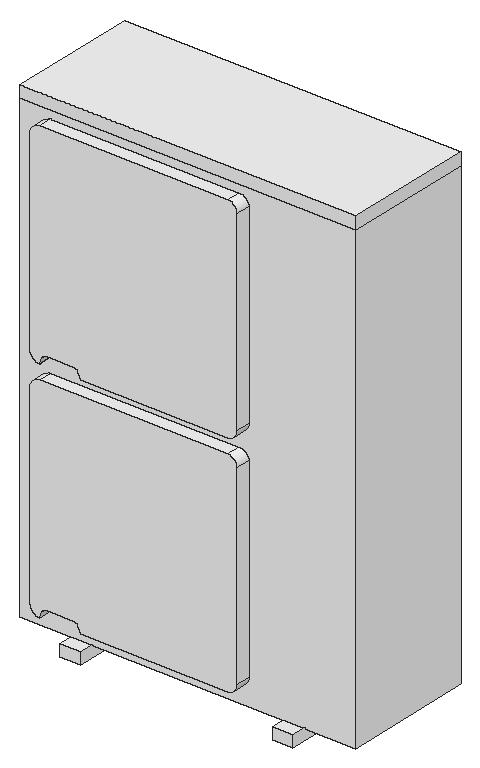
Revit family "Outdoor_Unit-VRF-Mini-JCI-Outdoor-HP-3_5Ton-208_230V", category Mechanical Equipment, Revit 2014
Parameters (values of type "3Ton - 208V /1PH 60Hz")
  Width = 37 3/8"  # constant formula
  Voltage = 208 V
  URL = "http://www.johnsoncontrols.com"
  Type Comments = "3Ton Mini VRF Unit - 208V"
  Total Heating Capacity = 40000.0 Btu/h
  Total Cooling Capacity = 36000.0 Btu/h
  Sound Pressure Level = "52 dB"
  Seasonal Energy Efficiency Rating = 22
  Refrigerant Used = "R410A"  # constant formula
  Refrigerant Charge = 7.90 lbf
  Product Page URL = "http://www.johnsoncontrols.com/content/us/en/products/building_efficiency/products-and-systems/integrated_hvac_systems/Industrial___Commercial_HVAC_Equipment/Variable_Refrigerant_Flow_Systems_.html"
  Product Documentation Link = "http://www.johnsoncontrols.com/~/media/jci/be/united-states/hvac-equipment/variable-refrigerant-flow/files/2016-york-vrf-catalog_050216-final-v5-digital-single-pgs.pdf"
  Power Factor = 1
  Phase = 1
  Model = "(H,Y)VAHP036B21S"
  Minimum Circuit Ampacity = 31 A
  Maximum Overcurrent Protection = 40 A
  Manufacturer = "Johnson Controls Inc."  # constant formula
  Liquid Connection Radius = Liquid Connection Diameter / 2  # 3/16"
  Liquid Connection Diameter = 3/8"
  Height = 54 5/16"  # constant formula
  Heating Nominal Input Power = 2.4 kW
  Gross Weight = 267.00 lbf
  Gas Connection Radius = Gas Connection Diameter / 2  # 5/16"
  Gas Connection Diameter = 5/8"
  Full Load Amps Unit B = 5 A
  Full Load Amps Unit A = 5 A
  Frequency = 60 Hz  # constant formula
  Frame Finish = Metal - JCI - Aluminum - Powder Coated - Pearl White
  Fan Motor Power 2 = 0.058 kW
  Fan Motor Power = 0.058 kW
  Energy Efficiency Rating = 16.2
  Description = "Mini VRF Outdoor Unit"  # constant formula
  Depth = 14 9/16"  # constant formula
  Copyright © = "2016 Johnson Controls Inc."  # constant formula
  Cooling Nominal Input Power = 2.5 kW
  Compressor RLA = "24 (A)"
  Compressor LRA = "30 (A)"
  Coefficient of Performance = 5.12
  Clearance Offset Top [instance] = 0"
  Clearance Offset Right [instance] = 4"
  Clearance Offset Left [instance] = 2"
  Clearance Offset Front [instance] = 24"
  Clearance Offset Back [instance] = 12"
  Show Clearance [instance] = no
  CTRL Unit A Width = 48 1/8"  # constant formula
  Assembly Code = "D30"
  Apparent Load = 0 VA
  Air Flow Rate = 3177 CFM
Reference planes (in)
  plane 1 "Center (Front/Back)": y = 0
  plane 2 "Original Bottom": z = 0
  plane 3 "Center (Left/Right)": x = 0
  plane 4 "Back": y = 7.28125
  plane 5 "Front": y = -7.28125
  plane 6 "Left": x = -18.6875
  plane 7 "Right": x = 18.6875
  plane 8 "Bottom": z = 0
  plane 9 "Top": z = 54.3125
  plane 10 "Electric Connector T/B": z = 2
  plane 11 "Electric Connector F/B": y = -7.28125
  plane 12 "Clearance Back": y = 19.28125
  plane 13 "Clearance Front": y = -31.28125
  plane 14 "Clearance Right": x = 22.6875
  plane 15 "Clearance Left": x = -20.6875
  plane 16 "Clearance Top": z = 54.3125
Forms (in)
  Extrusion 1, solid, material "Clearance", visible <- "Show Clearance"
    sketch origin (0, 0, 0) x (-1, 0, 0) y (0, -1, 0)
      loop
        line (20.6875, -19.28125) -> (20.6875, 31.28125) -> (-22.6875, 31.28125) -> (-22.6875, -19.28125) -> (20.6875, -19.28125)
    from 0 to 54.3125
Lines and regions (in)
  model lines, style "Clearance", visible <- "Show Clearance"
    curve 1: line (22.6875, -31.28125, 54.3125) -> (-20.6875, -31.28125, 54.3125)
    curve 2: line (-20.6875, -31.28125, 54.3125) -> (-20.6875, -31.28125, 0)
    curve 3: line (-20.6875, -31.28125, 0) -> (22.6875, -31.28125, 0)
    curve 4: line (22.6875, -31.28125, 0) -> (22.6875, -31.28125, 54.3125)
    curve 5: line (22.6875, 19.28125, 54.3125) -> (22.6875, 19.28125, 0)
    curve 6: line (22.6875, 19.28125, 0) -> (-20.6875, 19.28125, 0)
    curve 7: line (-20.6875, 19.28125, 0) -> (-20.6875, 19.28125, 54.3125)
    curve 8: line (-20.6875, 19.28125, 54.3125) -> (22.6875, 19.28125, 54.3125)
    curve 9: line (-20.6875, 19.28125, 54.3125) -> (-20.6875, -31.28125, 54.3125)
    curve 10: line (22.6875, -31.28125, 54.3125) -> (22.6875, 19.28125, 54.3125)
    curve 11: line (22.6875, -31.28125, 0) -> (22.6875, 19.28125, 0)
    curve 12: line (-20.6875, 19.28125, 0) -> (-20.6875, -31.28125, 0)
Dimensions and locks (in)
  equal spacing: plane 6 "Left", plane 3 "Center (Left/Right)", plane 7 "Right"
  equal spacing: plane 4 "Back", plane 1 "Center (Front/Back)", plane 5 "Front"
  "Depth": plane 4 "Back" to plane 5 "Front"
  "Width": plane 6 "Left" to plane 7 "Right"
  "Height": plane 9 "Top" to plane 8 "Bottom"
  locked: plane 8 "Bottom" to plane 2 "Original Bottom"
  locked: plane 10 "Electric Connector T/B" to plane 2 "Original Bottom" at 2
  plane 5 "Front" to plane 11 "Electric Connector F/B" = 0"
  "Clearance Offset Front": plane 13 "Clearance Front" to plane 5 "Front"
  "Clearance Offset Back": plane 12 "Clearance Back" to plane 4 "Back"
  "Clearance Offset Left": plane 15 "Clearance Left" to plane 6 "Left"
  "Clearance Offset Right": plane 7 "Right" to plane 14 "Clearance Right"
  "Clearance Offset Top": plane 16 "Clearance Top" to plane 9 "Top"
  aligned and locked: level to plane 2 "Original Bottom"
  aligned and locked: plane 15 "Clearance Left" to Extrusion 1
  aligned and locked: plane 14 "Clearance Right" to Extrusion 1
  aligned and locked: Extrusion 1 to plane 13 "Clearance Front"
  aligned and locked: plane 12 "Clearance Back" to Extrusion 1
  aligned and locked: plane 16 "Clearance Top" to Extrusion 1
  aligned and locked: Extrusion 1 to plane 8 "Bottom"
  aligned and locked: curve 1 to Extrusion 1
  aligned and locked: curve 2 to Extrusion 1
  aligned and locked: curve 3 to Extrusion 1
  aligned and locked: curve 4 to Extrusion 1
  aligned and locked: curve 5 to Extrusion 1
  aligned and locked: curve 6 to Extrusion 1
  aligned and locked: curve 7 to Extrusion 1
  aligned and locked: curve 8 to Extrusion 1
  aligned and locked: curve 9 to Extrusion 1
  aligned and locked: curve 10 to Extrusion 1
  aligned and locked: curve 11 to Extrusion 1
  aligned and locked: curve 12 to Extrusion 1
  aligned and locked: plane 1 "Center (Front/Back)" to nested 1
  aligned and locked: plane 3 "Center (Left/Right)" to nested 1
  aligned and locked: plane 8 "Bottom" to nested 1
Automatic sketch dimensions
  Extrusion 1 sketch curve to plane 12 "Clearance Back" = 0"
  Extrusion 1 sketch curve to plane 14 "Clearance Right" = 0"
  Extrusion 1 sketch curve to plane 13 "Clearance Front" = 0"
  Extrusion 1 sketch curve to plane 15 "Clearance Left" = 0"
  curve 9 to plane 12 "Clearance Back" = 0"
  curve 9 to plane 13 "Clearance Front" = 0"
  curve 10 to plane 12 "Clearance Back" = 0"
  curve 10 to plane 13 "Clearance Front" = 0"
  curve 11 to plane 12 "Clearance Back" = 0"
  curve 11 to plane 13 "Clearance Front" = 0"
  curve 12 to plane 12 "Clearance Back" = 0"
  curve 12 to plane 13 "Clearance Front" = 0"
Nested families (in)
  nested 1: "Unit-Mini-JCI-VRF-Outdoor" at (0, 1.28534, 0), Width <- "Width", type "6-8-10 Ton"
    with Width 37 3/8", Has Pipe Connection Rear no, Has Pipe Connection Front no, Has Pipe Connection Bottom yes, CTRL Pipeline Angle 90.00°, CTRL Gas Pipe Length 1 31/32"
Connectors (in)
  electrical at (9.4375, -7.28125, 2), driven by "Voltage", driven by "Power Factor", driven by "Apparent Load"
    settings: index 13, voltage 208 V, apparent load 0 VA, apparent load phase1 0 VA, apparent load phase2 0 VA, apparent load phase3 0 VA, power factor 1, load classification "HVAC", number of poles 1, system type 30, power factor state 1, is connector primary yes, connector utility no, sub classification motor no, connector description "Power Connection"
  piping at (14.87065, -4.34355, 22.74407), diameter 0.375, driven by "Liquid Connection Radius"
    settings: on nested 1, index 21, connector inside diameter 24", connector length 0", flow factor 0, pipe flow 0 GPM, pressure drop 0.00 psi, fitting loss kfactor 0, connector angle 0.00°, fixture units 0, engagement length 0", angle of deflection 0.00°, flow configuration 0, flow direction 0, fitting loss method 0, system type 29, joint type 0, gender type 0, connector reference index -1, connector utility 0, adjustable connector no, is connector primary yes, connector description "Liquid Line Connection"
  piping at (16.87403, -3.28125, 10.18959), diameter 0.625, driven by "Gas Connection Radius"
    settings: on nested 1, index 22, connector inside diameter 24", connector length 0", flow factor 0, pipe flow 0 GPM, pressure drop 0.00 psi, fitting loss kfactor 0, connector angle 0.00°, fixture units 0, engagement length 0", angle of deflection 0.00°, flow configuration 0, flow direction 0, fitting loss method 0, system type 29, joint type 0, gender type 0, connector reference index -1, connector utility 0, adjustable connector no, is connector primary no, connector description "Gas Line Connection"
  electrical at (9.4375, -7.28125, 4.3125), driven by "Voltage", driven by "Power Factor", driven by "Apparent Load"
    settings: index 23, voltage 208 V, apparent load 0 VA, apparent load phase1 0 VA, apparent load phase2 0 VA, apparent load phase3 0 VA, power factor 1, load classification "HVAC", number of poles 1, system type 14, power factor state 1, is connector primary no, connector utility no, sub classification motor no, connector description "Communication"
Definition of nested family "Unit-Mini-JCI-VRF-Outdoor"
  Parameters (values of type "6-8-10 Ton")
    Width [instance] = 37 3/8"
    Manufacturer = "JCI"  # constant formula
    Liquid Line Radius = 3/16"
    Height = 54 5/16"
    Has Pipe Connection Rear [instance] = 1 = 0  # no
    Has Pipe Connection Front [instance] = no
    Has Pipe Connection Bottom [instance] = yes
    Gas Line Radius = 7/16"
    Gas Line High Pressure Radius = 7/16"
    Frame Finish = Metal - JCI - Aluminum - Powder Coated - Pearl White
    Depth = 14 9/16"
    CTRL Gas Pipe Length [instance] = if(Has Pipe Connection Rear, Depth - 4 1/2", if(Has Pipe Connection Front, 4", if(Has Pipe Connection Bottom, 1 31/32", 1 31/32")))  # 1 31/32"
    CTRL Pipeline Angle [instance] = if(Has Pipe Connection Bottom, 90.00°, if(Has Pipe Connection Rear, 180.00°, 0.00°))  # 90.00°
  Reference planes (in)
    plane 1 "Center (Front/Back)": y = -1.28534
    plane 2 "Original Bottom": z = 0
    plane 3 "Center (Left/Right)": x = 0
    plane 4 "Back": y = 5.99591
    plane 5 "Front": y = -8.56659
    plane 6 "Left": x = -18.6875
    plane 7 "Right": x = 18.6875
    plane 8 "Bottom": z = 0
    plane 9 "Top": z = 54.3125
    plane 10 "Gas Line Top": z = 25.02591
    plane 11 "Right Inset": x = 18.6875
    plane 12 "Back Offset": y = 6.67877
    plane 13 "Front Offset": y = -10.14091
    plane 14 "Left Inset": x = -18.6875
    plane 15: z = 52.9375
    plane 16 "Pipe Center T/B": z = 3.5
    plane 17 "Back Grille Left": x = -16.93086
    plane 18 "Back Grille Right": x = 11.92658
    plane 19 "Back Grille Top": z = 50.9375
    plane 20 "Liquid Line L/R": x = 14.87065
    plane 21 "Gas Line L/R": x = 16.87403
    plane 22 "Gas F/B": y = -4.56659
    plane 23 "Liquid Line": z = 14.90625
    plane 24 "Frame Bottom": z = 1.25893
    plane 25 "Liquid F/B": y = -5.62889
    plane 26 "Liquid Line Top": z = 25.7144
  Forms (in)
    Sweep 1, solid, material "Metal - JCI - Aluminum - Powder Coated - Pearl White" <- "Frame Finish"
      path origin (0, -1.28534, 0) x (1, 0, 0) y (0, 0, 1)
        loop
          line (0, 1.25893) -> (0, 52.9375)
      profile origin (0, -1.28534, 27.09822) x (-1, 0, 0) y (0, -1, 0)
        loop
          line (18.6875, -7.28125) -> (18.6875, 7.28125) -> (-18.6875, 7.28125) -> (-18.6875, -7.28125) -> (18.6875, -7.28125)
    Sweep 2, solid, material "Metal - JCI - Aluminum - Powder Coated - Pearl White" <- "Frame Finish"
      path origin (-1.9734, -1.28534, 62.7104) x (1, 0, 0) y (0, 0, 1)
        loop
          line (1.9734, -8.3979) -> (1.9734, -9.7729)
      profile origin (0, -1.28534, 53.625) x (0, -1, 0) y (1, 0, 0)
        loop
          line (-7.28125, -18.6875) -> (7.28125, -18.6875) -> (7.28125, 18.6875) -> (-7.28125, 18.6875) -> (-7.28125, -18.6875)
    Sweep 3, solid, material "Metal - JCI - Aluminum - Powder Coated - Pearl White" <- "Frame Finish"
      path origin (0, 0, 0) x (1, 0, 0) y (0, 1, 0)
        loop
          line (0, -10.14091) -> (0, 6.67877)
      profile origin (0, -1.73107, 0) x (-1, 0, 0) y (0, 0, 1)
        loop
          line (12.95143, 1.25893) -> (10.65385, 1.25893) -> (10.65385, 0) -> (12.95143, 0) -> (12.95143, 1.25893)
        loop
          line (-10.65383, 1.25893) -> (-12.95141, 1.25893) -> (-12.95141, 0) -> (-10.65383, 0) -> (-10.65383, 1.25893)
    Sweep 4, solid, material "Metal - JCI - Aluminum - Powder Coated - Pearl White" <- "Frame Finish"
      path origin (14.87065, 0, 0) x (0, -1, 0) y (0, 0, 1)
        loop
          line (5.62889, 25.7144) -> (5.62889, 22.74407)
      profile origin (14.87065, -5.62889, 24.22923) x (1, 0, 0) y (0, 1, 0)
        loop
          circle (0, 0) r 0.1875
    Sweep 5, solid, material "Metal - JCI - Aluminum - Powder Coated - Pearl White" <- "Frame Finish"
      path origin (16.87403, 0, 0) x (0, -1, 0) y (0, 0, 1)
        loop
          line (4.56659, 25.02591) -> (4.56659, 10.18959)
      profile origin (16.87403, -4.56659, 17.60775) x (1, 0, 0) y (0, 1, 0)
        loop
          circle (0, 0) r 0.4375
    Extrusion 6, solid, material "Metal - JCI - Aluminum - Powder Coated - Pearl White" <- "Frame Finish"
      sketch origin (0, -8.56659, 0) x (-1, 0, 0) y (0, 0, -1)
        loop
          arc (-5.74726, -28.37343) -> (-6.45437, -28.66632) -> (-6.74726, -29.37343) r 1
          line (-6.74726, -29.37343) -> (-6.74726, -51.05738)
          arc (-6.74726, -51.05738) -> (-6.45437, -51.76449) -> (-5.74726, -52.05738) r 1
          line (-5.74726, -52.05738) -> (15.24498, -52.05738)
          arc (15.24498, -52.05738) -> (15.9961, -51.74626) -> (16.30722, -50.99514) r 1.06224
          line (16.30722, -50.99514) -> (16.30722, -29.43567)
          arc (16.30722, -29.43567) -> (15.99757, -28.68603) -> (15.24916, -28.37344) r 1.06224
          arc (15.24916, -28.37344) -> (15.22651, -28.38051) -> (15.21204, -28.39932) r 0.03934
          line (15.21204, -28.39932) -> (14.9577, -29.09812)
          arc (14.9577, -29.09812) -> (14.81366, -29.28583) -> (14.588, -29.35698) r 0.39342
          line (14.588, -29.35698) -> (11.33827, -29.35698)
          arc (11.33827, -29.35698) -> (11.11262, -29.28583) -> (10.96858, -29.09812) r 0.39342
          line (10.96858, -29.09812) -> (10.71421, -28.39925)
          arc (10.71421, -28.39925) -> (10.6998, -28.38053) -> (10.67727, -28.37343) r 0.03934
          line (10.67727, -28.37343) -> (-5.74726, -28.37343)
        loop
          arc (-5.68502, -3.03719) -> (-6.43614, -3.34832) -> (-6.74726, -4.09943) r 1.06224
          line (-6.74726, -4.09943) -> (-6.74726, -25.72114)
          arc (-6.74726, -25.72114) -> (-6.45437, -26.42825) -> (-5.74726, -26.72114) r 1
          line (-5.74726, -26.72114) -> (15.24498, -26.72114)
          arc (15.24498, -26.72114) -> (15.9961, -26.41002) -> (16.30722, -25.65891) r 1.06224
          line (16.30722, -25.65891) -> (16.30722, -4.08608)
          arc (16.30722, -4.08608) -> (15.983, -3.33536) -> (15.22145, -3.03746) r 1.06224
          line (15.22145, -3.03746) -> (14.95785, -3.7617)
          arc (14.95785, -3.7617) -> (14.81383, -3.94954) -> (14.58809, -4.02075) r 0.39342
          line (14.58809, -4.02075) -> (11.33836, -4.02075)
          arc (11.33836, -4.02075) -> (11.11278, -3.94965) -> (10.96873, -3.76207) r 0.39342
          line (10.96873, -3.76207) -> (10.7049, -3.03719) -> (-5.68502, -3.03719)
      from 0 to 1.57432
    Extrusion 7, solid, material "Steel - JCI - Mine VRF Grille"
      sketch origin (0, 3.93103, 0) x (-1, 0, 0) y (0, 0, 1)
        loop
          line (-11.92658, 2.50572) -> (16.93086, 2.50572) -> (16.93086, 52.63811) -> (-11.92658, 52.63811) -> (-11.92658, 2.50572)
      from 2.06488 to 2.74774
  Lines and regions (in)
    Masking region 1
      outline origin (0, 0, 0) x (1, 0, 0) y (0, 1, 0)
        loop
          line (-18.6875, 5.99591) -> (-18.6875, -8.56659) -> (18.6875, -8.56659) -> (18.6875, 5.99591) -> (-18.6875, 5.99591)
    Split face 1
      outline origin (18.6875, -8.56659, 1.25893) x (0, 0, 1) y (-1, 0, 0)
        loop
          line (3.97355, 4.72105) -> (1.02289, 4.72105) -> (1.02289, 0.90487) -> (3.97355, 0.90487) -> (3.97355, 4.72105)
    Split face 2
      outline origin (18.6875, -8.56659, 1.25893) x (0, 0, 1) y (-1, 0, 0)
        loop
          line (50.79845, 34.99472) -> (1.77826, 34.99472) -> (1.77826, 11.94024) -> (50.79845, 11.94024) -> (50.79845, 34.99472)
    Split face 3
      outline origin (18.6875, -8.56659, 1.25893) x (0, 0, 1) y (-1, 0, 0)
        loop
          line (6.66455, 0.23605) -> (51.35719, 0.23605) -> (51.35719, 11.01579) -> (6.66455, 11.01579) -> (6.66455, 0.23605)
    Split face 4
      outline origin (0, -10.14091, 0) x (-1, 0, 0) y (0, 0, 1)
        loop
          circle (4.77998, 40.21541) r 11.44333
    Split face 5
      outline origin (0, -10.14091, -25.33624) x (-1, 0, 0) y (0, 0, 1)
        loop
          circle (4.77998, 40.21541) r 11.44333
    Split face 6
      outline origin (18.6875, 5.99591, 1.25893) x (0, 0, 1) y (0, -1, 0)
        loop
          line (6.53259, 13.53919) -> (1.02245, 13.53919) -> (1.02245, 10.9022) -> (6.53259, 10.9022) -> (6.53259, 13.53919)
    Masking region 2
      outline origin (-1.25, -6.5, 0) x (1, 0, 0) y (0, 1, 0)
        loop
          line (-15.05722, -2.06659) -> (-15.05722, -3.64091) -> (7.99726, -3.64091) -> (7.99726, -2.06659) -> (-15.05722, -2.06659)
    symbolic lines
      curve 1: line (-16.93086, 5.99591, 0) -> (-16.93086, 6.67877, 0)
      curve 2: line (-16.93086, 6.67877, 0) -> (11.92658, 6.67877, 0)
      curve 3: line (11.92658, 6.67877, 0) -> (11.92658, 5.99591, 0)
  Dimensions and locks (in)
    equal spacing: plane 6 "Left", plane 3 "Center (Left/Right)", plane 7 "Right"
    equal spacing: plane 4 "Back", plane 1 "Center (Front/Back)", plane 5 "Front"
    "Depth": plane 4 "Back" to plane 5 "Front"
    "Width": plane 6 "Left" to plane 7 "Right"
    "Height": plane 9 "Top" to plane 8 "Bottom"
    locked: plane 8 "Bottom" to plane 2 "Original Bottom"
    plane 10 "Gas Line Top" to plane 8 "Bottom" = 25.02591"
    locked: plane 12 "Back Offset" to plane 4 "Back" at 0.68286
    locked: plane 13 "Front Offset" to plane 5 "Front" at 1.57432
    locked: plane 6 "Left" to plane 14 "Left Inset"
    locked: plane 11 "Right Inset" to plane 7 "Right"
    locked: plane 9 "Top" to plane 15 at 1.375
    locked: plane 16 "Pipe Center T/B" to plane 8 "Bottom" at 3.5
    locked: plane 14 "Left Inset" to plane 17 "Back Grille Left" at 1.75664
    locked: plane 15 to plane 19 "Back Grille Top" at 2
    locked: plane 11 "Right Inset" to plane 20 "Liquid Line L/R" at 3.81685
    locked: plane 11 "Right Inset" to plane 21 "Gas Line L/R" at 1.81347
    locked: plane 13 "Front Offset" to plane 22 "Gas F/B" at 5.57432
    locked: plane 23 "Liquid Line" to plane 16 "Pipe Center T/B" at 11.40625
    locked: plane 14 "Left Inset" to Extrusion 6 sketch curve at 2.38028
    locked: plane 11 "Right Inset" to Extrusion 6 sketch curve at 11.94024
    locked: Extrusion 6 sketch curve to Extrusion 6 sketch curve at 1.65228
    locked: Extrusion 6 sketch curve to Extrusion 6 sketch curve at 23.68395  (x2)
    locked: plane 9 "Top" to Extrusion 6 sketch curve at 2.25512
    locked: plane 24 "Frame Bottom" to plane 8 "Bottom" at 1.25893
    locked: plane 7 "Right" to Split face 1 sketch curve at 0.90487
    locked: Split face 1 sketch curve to plane 24 "Frame Bottom" at 1.02289
    locked: Split face 1 sketch curve to Split face 1 sketch curve at 3.81618
    locked: Split face 1 sketch curve to Split face 1 sketch curve at 2.95066
    locked: Split face 3 sketch curve to Split face 3 sketch curve at 44.69264
    locked: Split face 3 sketch curve to Split face 3 sketch curve at 10.77974
    locked: plane 7 "Right" to Split face 3 sketch curve at 0.23605
    locked: plane 15 to Split face 3 sketch curve at 0.32138
    locked: plane 11 "Right Inset" to plane 18 "Back Grille Right" at 6.76092
    locked: plane 24 "Frame Bottom" to Extrusion 7 at 1.24679
    locked: Extrusion 6 sketch curve to Extrusion 6 sketch curve at 1.06224
    locked: plane 26 "Liquid Line Top" to Sweep 4 sketch curve at 2.97033
    locked: plane 10 "Gas Line Top" to Sweep 5 sketch curve at 14.83632
    locked: plane 5 "Front" to Split face 6 sketch curve at 1.02331
    locked: Split face 6 sketch curve to Split face 6 sketch curve at 5.51014
    locked: Split face 6 sketch curve to Split face 6 sketch curve at 2.63699
    locked: Split face 6 sketch curve to plane 24 "Frame Bottom" at 1.02245
    locked: Extrusion 7 sketch curve to plane 24 "Frame Bottom" at 1.24679
    locked: plane 9 "Top" to Extrusion 7 sketch curve at 1.67439
    "Liquid Line Radius": radius of Sweep 4 sketch curve
    "Gas Line Radius": radius of Sweep 5 sketch curve
    "CTRL Pipeline Angle": angle plane 16 "Pipe Center T/B" to Sweep 4 sketch curve
    "CTRL Pipeline Angle": angle plane 16 "Pipe Center T/B" to Sweep 5 sketch curve
    aligned and locked: level to plane 2 "Original Bottom"
    aligned and locked: plane 3 "Center (Left/Right)" to Sweep 1 sketch curve
    aligned and locked: plane 15 to Sweep 1 sketch curve
    aligned and locked: Sweep 1 sketch curve to plane 11 "Right Inset"
    aligned and locked: Sweep 1 sketch curve to plane 14 "Left Inset"
    aligned and locked: plane 15 to Sweep 2 sketch curve
    aligned and locked: plane 9 "Top" to Sweep 2 sketch curve
    aligned and locked: Sweep 2 sketch curve to plane 3 "Center (Left/Right)"
    aligned and locked: Sweep 2 sketch curve to plane 4 "Back"
    aligned and locked: Sweep 2 sketch curve to plane 5 "Front"
    aligned and locked: Sweep 2 sketch curve to plane 7 "Right"
    aligned and locked: Sweep 2 sketch curve to plane 6 "Left"
    aligned and locked: plane 12 "Back Offset" to Sweep 3 sketch curve
    aligned and locked: plane 13 "Front Offset" to Sweep 3 sketch curve
    aligned and locked: plane 3 "Center (Left/Right)" to Sweep 3 sketch curve
    aligned and locked: plane 20 "Liquid Line L/R" to Sweep 4 sketch curve
    aligned and locked: Sweep 5 sketch curve to plane 21 "Gas Line L/R"
    aligned and locked: Masking region 1 sketch curve to plane 7 "Right"
    aligned and locked: Masking region 1 sketch curve to plane 5 "Front"
    aligned and locked: Masking region 1 sketch curve to plane 6 "Left"
    aligned and locked: Masking region 1 sketch curve to plane 4 "Back"
    aligned and locked: Extrusion 6 sketch curve to Extrusion 6 sketch curve  (x2)
    aligned and locked: Sweep 1 sketch curve to plane 4 "Back"
    aligned and locked: Sweep 1 sketch curve to plane 5 "Front"
    aligned and locked: Extrusion 6 to plane 5 "Front"
    aligned and locked: plane 13 "Front Offset" to Extrusion 6
    aligned and locked: plane 24 "Frame Bottom" to Sweep 1 sketch curve
    aligned and locked: plane 8 "Bottom" to Sweep 3 sketch curve  (x2)
    aligned and locked: Sweep 3 sketch curve to plane 24 "Frame Bottom"  (x2)
    aligned and locked: Split face 2 sketch curve to Extrusion 6  (x4)
    aligned and locked: plane 12 "Back Offset" to Extrusion 7
    aligned and locked: Extrusion 7 to plane 4 "Back"
    aligned and locked: plane 25 "Liquid F/B" to Sweep 4 sketch curve
    aligned and locked: plane 26 "Liquid Line Top" to Sweep 4 sketch curve
    aligned and locked: plane 10 "Gas Line Top" to Sweep 5 sketch curve
    aligned and locked: plane 22 "Gas F/B" to Sweep 5 sketch curve
    aligned and locked: plane 18 "Back Grille Right" to Extrusion 7
    aligned and locked: plane 17 "Back Grille Left" to Extrusion 7
    aligned and locked: Masking region 2 sketch curve to Extrusion 6  (x2)
    aligned and locked: Masking region 2 sketch curve to plane 13 "Front Offset"
    aligned and locked: plane 5 "Front" to Masking region 2 sketch curve
    aligned and locked: curve 1 to plane 17 "Back Grille Left"
    aligned and locked: curve 3 to plane 18 "Back Grille Right"
    aligned and locked: curve 2 to plane 12 "Back Offset"
  Automatic sketch dimensions
    profile plane to Sweep 3 sketch curve = 12.95141"
    Sweep 3 sketch curve to Sweep 3 sketch curve = 2.29758"  (x2)
    Sweep 3 sketch curve to profile plane = 10.65385"
    Extrusion 6 sketch curve to Extrusion 6 sketch curve = 1"  (x2)
    Extrusion 6 sketch curve to plane 19 "Back Grille Top" = 0.11988"
    Extrusion 6 sketch curve to Extrusion 6 sketch curve = 5.62995"
    Extrusion 6 sketch curve to Extrusion 6 sketch curve = 0.03695"
    Extrusion 6 sketch curve to Extrusion 6 sketch curve = 0.25437"
    Extrusion 6 sketch curve to Extrusion 6 sketch curve = 0.36969"  (x2)
    Extrusion 6 sketch curve to Extrusion 6 sketch curve = 1.71921"
    Extrusion 6 sketch curve to Extrusion 6 sketch curve = 0.25434"
    Extrusion 6 sketch curve to Extrusion 6 sketch curve = 1.06224"  (x2)
    Extrusion 6 sketch curve to Extrusion 6 sketch curve = 0.28728"
    Extrusion 6 sketch curve to Extrusion 6 sketch curve = 0.03697"
    Extrusion 6 sketch curve to Extrusion 6 sketch curve = 1.67818"
    Extrusion 6 sketch curve to Extrusion 6 sketch curve = 0.01346"
    Extrusion 6 sketch curve to Extrusion 6 sketch curve = 0.56424"
    Extrusion 6 sketch curve to Extrusion 6 sketch curve = 0.56431"
    Extrusion 6 sketch curve to Extrusion 6 sketch curve = 0.13456"
    Extrusion 6 sketch curve to Extrusion 6 sketch curve = 0.33755"
    Split face 4 sketch curve to Extrusion 6 = 11.52724"
    Split face 4 sketch curve to Extrusion 6 = 10.85842"
    Split face 5 sketch curve to Extrusion 6 = 11.52724"
    Extrusion 7 sketch curve to plane 17 "Back Grille Left" = 0"
    plane 17 "Back Grille Left" to Extrusion 6 sketch curve = 6.22596"
    Extrusion 6 sketch curve to Extrusion 6 sketch curve = 1.06215"
    Extrusion 6 sketch curve to plane 16 "Pipe Center T/B" = 0.59943"
    Extrusion 6 sketch curve to plane 16 "Pipe Center T/B" = 0.26207"
    Extrusion 6 sketch curve to Extrusion 6 sketch curve = 0.26383"
    Extrusion 6 sketch curve to Extrusion 6 sketch curve = 0.36963"
    Extrusion 6 sketch curve to Extrusion 6 sketch curve = 0.65698"
    Extrusion 6 sketch curve to plane 16 "Pipe Center T/B" = 0.2617"
    Extrusion 6 sketch curve to Extrusion 6 sketch curve = 0.28721"
    plane 16 "Pipe Center T/B" to Extrusion 6 sketch curve = 0.46254"
    Extrusion 6 sketch curve to Extrusion 6 sketch curve = 0.25905"
    Extrusion 6 sketch curve to plane 16 "Pipe Center T/B" = 0.58608"
    Split face 5 sketch curve to Extrusion 6 = 10.85842"
    Extrusion 7 sketch curve to plane 18 "Back Grille Right" = 0"
    Extrusion 6 sketch curve to Extrusion 6 sketch curve = 0.02582"
    curve 3 to plane 4 "Back" = 0"
    curve 1 to plane 4 "Back" = 0"
    profile plane to Sweep 4 sketch curve = 0"
    profile plane to Sweep 5 sketch curve = 0"
    radius of Split face 4 sketch curve = 11.44333"
    radius of Split face 5 sketch curve = 11.44333"
